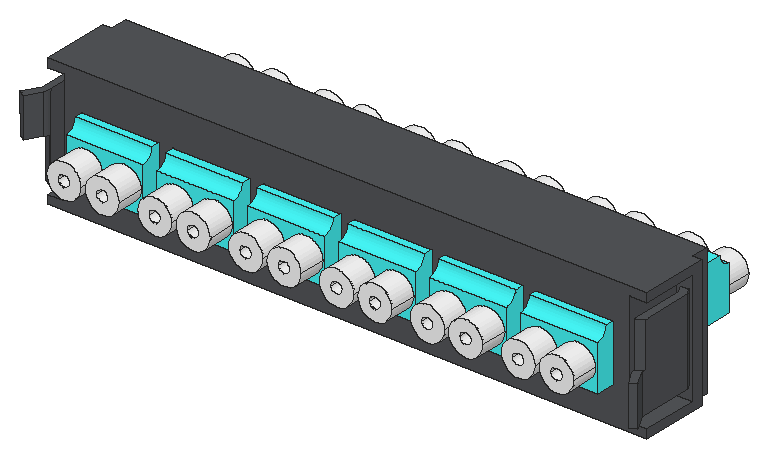
Revit family "LC Duplex 12 fibers", category Installations électriques, Revit 2020
Family settings
  Conserver l'orientation des annotations = Non
  Cote de connecteur circulaire = Utiliser le diamètre
  Type d'élément = Normal
  Basée sur le plan de construction = Non
  Toujours verticalement = Oui
  Couper avec des vides une fois chargée = Non
  Partagée = Non
  Point de calcul de pièce = Non
Parameters (values of type "LC Duplex block(AQUA)_POUR_12_FIBRES_MULTIMODE")
  Width of the connectors = 13.5 mm
  Width (mm) = 108.8 mm
  Type of connector interior = "LC_DUPLEX"
  Type of connector external = "LC_DUPLEX"
  Storage temperature = "-10°C à 60°C"
  RAL Number = "9017"
  Operating temperature = "-10°C à 60°C"
  Opening width = 6 mm
  Opening height = 6.5 mm
  Number of connectors = 12
  Legrand part number = "032137"
  IP = "IP20"
  IK = "IK04"
  Height of the connectors = 10 mm
  Height = 23 mm
  Function = "Patch panels with optical connector Legrand"
  Fiber optic type = "Multimode"
  Elévation par défaut = 0 mm
  ETIM class = "EC001130"
  EAN = "3414971400313"
  E-catalogue link = "https://www.legrand.fr/reference/032137/pro"
  Depth = 38.4 mm
  Colour of the connectors = IDS_CYAN
  Color = IDS_NOIR
  BIM wording = "LC Duplex block 12 fibers multimode"
Types (4, lengths in mm): name | Type of connector interior | Type of connector external | Legrand part number | Fiber optic type | EAN | E-catalogue link | Colour of the connectors | BIM wording
  LC Duplex block 12 fibers single mode | "LC_DUPLEX" | "LC_DUPLEX" | "032114" | "Single mode" | "3414970961730" | "https://www.legrand.fr/reference/032114/pro" | IDS_BLEU | "LC Duplex block 12 fibers single mode"
  LC APC Duplex block 12 fibers single mode | "LC-DUPLEX" | "LC-DUPLEX" | "032116" | "Single mode" | "3414970961778" | "https://www.legrand.fr/reference/032116/pro" | IDS_CYAN | "LC APC Duplex block 12 fibers single mode"
  LC Duplex block 12 fibers multimode | "LC_DUPLEX" | "LC_DUPLEX" | "032124" | "Multimode" | "3414970961877" | "https://www.legrand.fr/reference/032124/pro" | IDS_JAUNE | "LC Duplex block 12 fibers multimode"
  LC Duplex block(AQUA)_POUR_12_FIBRES_MULTIMODE | "LC_DUPLEX" | "LC_DUPLEX" | "032137" | "Multimode" | "3414971400313" | "https://www.legrand.fr/reference/032137/pro" | IDS_CYAN | "LC Duplex block 12 fibers multimode"
Reference planes
  plane 1 "Centre (avant/arrière)": y = 0
  plane 2: z = 0
  plane 3 "Centre (gauche/droite)": x = 0
  plane 4 "Clip bas": z = 4
  plane 5 "Clip haut": z = 19
  plane 6: x = 105.5
  plane 7: x = 52.75
  plane 8: through (0.797, -2.504, 1200) normal (-0.866, 0.5, 0)
  plane 9: z = 6.5
  plane 10: z = 16.5
  plane 11: z = 6.5
  plane 12: z = 16.5
  plane 13: x = 6
  plane 14: x = 19.5
  plane 15: z = 23
  plane 16: x = 22
  plane 17: x = 35.5
  plane 18: x = 38
  plane 19: x = 51.5
  plane 20: x = 54
  plane 21: x = 67.5
  plane 22: x = 70
  plane 23: x = 83.5
  plane 24: x = 86
  plane 25: x = 99.5
  plane 26: y = -3.5
  plane 27: y = 25.5
  plane 28: z = 10.5
  plane 29: x = 12.75
  plane 30: x = 9.375
  plane 31: x = 16.125
  plane 32: y = 11
  plane 33: z = 10.5
  plane 34: x = 28.75
  plane 35: x = 25.375
  plane 36: x = 32.125
  plane 37: z = 10.5
  plane 38: x = 44.75
  plane 39: x = 41.375
  plane 40: x = 48.125
  plane 41: z = 10.5
  plane 42: x = 60.75
  plane 43: x = 57.375
  plane 44: x = 64.125
  plane 45: z = 10.5
  plane 46: x = 76.75
  plane 47: x = 73.375
  plane 48: x = 80.125
  plane 49: z = 10.5
  plane 50: x = 92.75
  plane 51: x = 89.375
  plane 52: x = 96.125
  plane 53: z = 10.5
  plane 54: x = 12.75
  plane 55: x = 9.375
  plane 56: x = 16.125
  plane 57: z = 10.5
  plane 58: x = 28.75
  plane 59: x = 25.375
  plane 60: x = 32.125
  plane 61: z = 10.5
  plane 62: x = 44.75
  plane 63: x = 41.375
  plane 64: x = 48.125
  plane 65: z = 10.5
  plane 66: x = 60.75
  plane 67: x = 57.375
  plane 68: x = 64.125
  plane 69: z = 10.5
  plane 70: x = 76.75
  plane 71: x = 73.375
  plane 72: x = 80.125
  plane 73: z = 10.5
  plane 74: x = 92.75
  plane 75: x = 89.375
  plane 76: x = 96.125
Forms (mm)
  Extrusion 1, solid, material "IDS_NOIR"
    sketch origin (0, 0, 0) x (1, 0, 0) y (0, 1, 0)
      loop
        line (0, 0) -> (105.5, 0) -> (105.5, 12) -> (103.9, 12) -> (103.9, 15) -> (1.6, 15) -> (1.6, 12) -> (0, 12) -> (0, 0)
    from 0 to 23
  Extrusion 2, void
    sketch origin (0, 0, 0) x (-1, 0, 0) y (0, 0, 1)
      loop
        line (0, 21.5) -> (-3, 21.5) -> (-3, 1.5) -> (0, 1.5) -> (0, 21.5)
      loop
        line (-105.5, 21.5) -> (-105.5, 1.5) -> (-102.5, 1.5) -> (-102.5, 21.5) -> (-105.5, 21.5)
    from 0 to 10
  Extrusion 3, solid, material "IDS_NOIR"
    sketch origin (0, 25.162, 4) x (0, 1, 0) y (-1, 0, 0)
      loop
        line (-29.912, 0.5) -> (-27.374, -0.965)
        arc (-27.374, -0.965) -> (-26.771, -1.215) -> (-26.124, -1.3) r 2.5
        line (-26.124, -1.3) -> (-16.662, -1.3) -> (-15.162, -2.166) -> (-15.162, -0.665) -> (-16.313, 0) -> (-26.446, 0) -> (-29.262, 1.626) -> (-29.912, 0.5)
      loop
        line (-29.912, -106) -> (-29.262, -107.126) -> (-26.446, -105.5) -> (-16.313, -105.5) -> (-15.162, -104.835) -> (-15.162, -103.334) -> (-16.662, -104.2) -> (-26.124, -104.2)
        arc (-26.124, -104.2) -> (-26.771, -104.285) -> (-27.374, -104.535) r 2.5
        line (-27.374, -104.535) -> (-29.912, -106)
    from 0 to 15
  Extrusion 4, void
    sketch origin (0.797, -2.504, 1200) x (0.5, 0.866025, 0) y (0, 0, 1)
      loop
        line (-2.593, -1196) -> (1.407, -1196) -> (1.407, -1188) -> (-2.593, -1188) -> (-2.593, -1196)
    from 0 to -2.615
  Extrusion 5, void
    sketch origin (104.703, -2.504, 1200) x (-0.5, 0.866025, 0) y (0, 0, -1)
      loop
        line (-2.593, 1181) -> (1.407, 1181) -> (1.407, 1189) -> (-2.593, 1189) -> (-2.593, 1181)
    from 0 to -2.615
  Extrusion 6, void
    sketch origin (2.941, 0, 0) x (-1, 0, 0) y (0, 0, 1)
      loop
        line (-3.059, 16.5) -> (-16.559, 16.5) -> (-16.559, 6.5) -> (-3.059, 6.5) -> (-3.059, 16.5)
      loop
        line (-19.059, 6.5) -> (-19.059, 16.5) -> (-32.559, 16.5) -> (-32.559, 6.5) -> (-19.059, 6.5)
      loop
        line (-35.059, 16.5) -> (-48.559, 16.5) -> (-48.559, 6.5) -> (-35.059, 6.5) -> (-35.059, 16.5)
      loop
        line (-51.059, 6.5) -> (-51.059, 16.5) -> (-64.559, 16.5) -> (-64.559, 6.5) -> (-51.059, 6.5)
      loop
        line (-67.059, 6.5) -> (-67.059, 16.5) -> (-80.559, 16.5) -> (-80.559, 6.5) -> (-67.059, 6.5)
      loop
        line (-83.059, 6.5) -> (-83.059, 16.5) -> (-96.559, 16.5) -> (-96.559, 6.5) -> (-83.059, 6.5)
    from 0 to 15
  Extrusion 7, void
    sketch origin (0, 0, 0) x (-1, 0, 0) y (0, 0, 1)
      loop
        line (-6, 6.5) -> (-6, 16.5) -> (-19.5, 16.5) -> (-19.5, 6.5) -> (-6, 6.5)
      loop
        line (-22, 6.5) -> (-22, 16.5) -> (-35.5, 16.5) -> (-35.5, 6.5) -> (-22, 6.5)
      loop
        line (-38, 16.5) -> (-51.5, 16.5) -> (-51.5, 6.5) -> (-38, 6.5) -> (-38, 16.5)
      loop
        line (-54, 6.5) -> (-54, 16.5) -> (-67.5, 16.5) -> (-67.5, 6.5) -> (-54, 6.5)
      loop
        line (-70, 6.5) -> (-70, 16.5) -> (-83.5, 16.5) -> (-83.5, 6.5) -> (-70, 6.5)
      loop
        line (-86, 6.5) -> (-86, 16.5) -> (-99.5, 16.5) -> (-99.5, 6.5) -> (-86, 6.5)
    from 0 to 15
  Extrusion 8, solid, material "IDS_CYAN" <- "Colour of the connectors"
    sketch origin (3.167, -3.5, 1200) x (-1, 0, 0) y (0, 0, 1)
      loop
        line (-16.333, -1193.5) -> (-2.833, -1193.5) -> (-2.833, -1183.5) -> (-16.333, -1183.5) -> (-16.333, -1193.5)
      loop
        line (-18.833, -1193.5) -> (-18.833, -1183.5) -> (-32.333, -1183.5) -> (-32.333, -1193.5) -> (-18.833, -1193.5)
      loop
        line (-48.333, -1193.5) -> (-34.833, -1193.5) -> (-34.833, -1183.5) -> (-48.333, -1183.5) -> (-48.333, -1193.5)
      loop
        line (-50.833, -1193.5) -> (-50.833, -1183.5) -> (-64.333, -1183.5) -> (-64.333, -1193.5) -> (-50.833, -1193.5)
      loop
        line (-80.333, -1193.5) -> (-66.833, -1193.5) -> (-66.833, -1183.5) -> (-80.333, -1183.5) -> (-80.333, -1193.5)
      loop
        line (-82.833, -1193.5) -> (-82.833, -1183.5) -> (-96.333, -1183.5) -> (-96.333, -1193.5) -> (-82.833, -1193.5)
    from 0 to 29
  Extrusion 9, void
    sketch origin (6, -1524, 1.878) x (0, 0, 1) y (0, -1, 0)
      loop
        line (14.622, -1522.5) -> (14.622, -1520.5) -> (12.622, -1520.5)
        arc (12.622, -1520.5) -> (13.207, -1521.914) -> (14.622, -1522.5) r 2
      loop
        line (12.622, -1549.5) -> (14.622, -1549.5) -> (14.622, -1547.5)
        arc (14.622, -1547.5) -> (13.207, -1548.086) -> (12.622, -1549.5) r 2
    from 0 to 93.5
  Extrusion 10, solid, material "IDS_BLANC"
    sketch origin (3.167, -3.5, 1200) x (-1, 0, 0) y (0, 0, 1)
      loop
        circle (-6.208, -1189.5) r 3
      loop
        circle (-6.208, -1189.5) r 1
      loop
        circle (-12.958, -1189.5) r 3
      loop
        circle (-12.958, -1189.5) r 1
    from 0 to -4.7
  Extrusion 11, solid, material "IDS_BLANC"
    sketch origin (19.167, -3.5, 1200) x (-1, 0, 0) y (0, 0, 1)
      loop
        circle (-6.208, -1189.5) r 3
      loop
        circle (-6.208, -1189.5) r 1
      loop
        circle (-12.958, -1189.5) r 3
      loop
        circle (-12.958, -1189.5) r 1
    from 0 to -4.7
  Extrusion 12, solid, material "IDS_BLANC"
    sketch origin (35.167, -3.5, 1200) x (-1, 0, 0) y (0, 0, 1)
      loop
        circle (-6.208, -1189.5) r 3
      loop
        circle (-6.208, -1189.5) r 1
      loop
        circle (-12.958, -1189.5) r 3
      loop
        circle (-12.958, -1189.5) r 1
    from 0 to -4.7
  Extrusion 13, solid, material "IDS_BLANC"
    sketch origin (51.167, -3.5, 1200) x (-1, 0, 0) y (0, 0, 1)
      loop
        circle (-6.208, -1189.5) r 3
      loop
        circle (-6.208, -1189.5) r 1
      loop
        circle (-12.958, -1189.5) r 3
      loop
        circle (-12.958, -1189.5) r 1
    from 0 to -4.7
  Extrusion 14, solid, material "IDS_BLANC"
    sketch origin (67.167, -3.5, 1200) x (-1, 0, 0) y (0, 0, 1)
      loop
        circle (-6.208, -1189.5) r 3
      loop
        circle (-6.208, -1189.5) r 1
      loop
        circle (-12.958, -1189.5) r 3
      loop
        circle (-12.958, -1189.5) r 1
    from 0 to -4.7
  Extrusion 15, solid, material "IDS_BLANC"
    sketch origin (83.167, -3.5, 1200) x (-1, 0, 0) y (0, 0, 1)
      loop
        circle (-6.208, -1189.5) r 3
      loop
        circle (-6.208, -1189.5) r 1
      loop
        circle (-12.958, -1189.5) r 3
      loop
        circle (-12.958, -1189.5) r 1
    from 0 to -4.7
  Extrusion 16, solid, material "IDS_BLANC"
    sketch origin (3.167, 25.5, 1200) x (-1, 0, 0) y (0, 0, -1)
      loop
        circle (-6.208, 1189.5) r 3
      loop
        circle (-6.208, 1189.5) r 1
      loop
        circle (-12.958, 1189.5) r 3
      loop
        circle (-12.958, 1189.5) r 1
    from 0 to -4.7
  Extrusion 17, solid, material "IDS_BLANC"
    sketch origin (19.167, 25.5, 1200) x (-1, 0, 0) y (0, 0, -1)
      loop
        circle (-6.208, 1189.5) r 3
      loop
        circle (-6.208, 1189.5) r 1
      loop
        circle (-12.958, 1189.5) r 3
      loop
        circle (-12.958, 1189.5) r 1
    from 0 to -4.7
  Extrusion 18, solid, material "IDS_BLANC"
    sketch origin (35.167, 25.5, 1200) x (-1, 0, 0) y (0, 0, -1)
      loop
        circle (-6.208, 1189.5) r 3
      loop
        circle (-6.208, 1189.5) r 1
      loop
        circle (-12.958, 1189.5) r 3
      loop
        circle (-12.958, 1189.5) r 1
    from 0 to -4.7
  Extrusion 19, solid, material "IDS_BLANC"
    sketch origin (51.167, 25.5, 1200) x (-1, 0, 0) y (0, 0, -1)
      loop
        circle (-6.208, 1189.5) r 3
      loop
        circle (-6.208, 1189.5) r 1
      loop
        circle (-12.958, 1189.5) r 3
      loop
        circle (-12.958, 1189.5) r 1
    from 0 to -4.7
  Extrusion 20, solid, material "IDS_BLANC"
    sketch origin (67.167, 25.5, 1200) x (-1, 0, 0) y (0, 0, -1)
      loop
        circle (-6.208, 1189.5) r 3
      loop
        circle (-6.208, 1189.5) r 1
      loop
        circle (-12.958, 1189.5) r 3
      loop
        circle (-12.958, 1189.5) r 1
    from 0 to -4.7
  Extrusion 21, solid, material "IDS_BLANC"
    sketch origin (83.167, 25.5, 1200) x (-1, 0, 0) y (0, 0, -1)
      loop
        circle (-6.208, 1189.5) r 3
      loop
        circle (-6.208, 1189.5) r 1
      loop
        circle (-12.958, 1189.5) r 3
      loop
        circle (-12.958, 1189.5) r 1
    from 0 to -4.7
Cuts and joins
  Extrusion 2, Extrusion 6, Extrusion 7 cuts Extrusion 1
  Extrusion 4, Extrusion 5 cuts Extrusion 3
  Extrusion 9 cuts Extrusion 8
Dimensions and locks
  locked: plane 1 "Centre (avant/arrière)" to Extrusion 1 sketch curve at 15
  locked: Extrusion 1 sketch curve to Extrusion 1 sketch curve at 105.5
  locked: Extrusion 1 sketch curve to Extrusion 1 sketch curve at 1.6  (x2)
  locked: Extrusion 1 sketch curve to Extrusion 1 sketch curve at 12
  locked: Extrusion 2 sketch curve to level at 1.5
  locked: Extrusion 1 to Extrusion 2 sketch curve at 1.5
  locked: Extrusion 2 sketch curve to plane 3 "Centre (gauche/droite)" at 3
  locked: Extrusion 2 sketch curve to Extrusion 1 at 3
  plane 4 "Clip bas" to level = 4 mm
  cut or joined group of Extrusion 1, Extrusion 2, Extrusion 6, Extrusion 7 to plane 5 "Clip haut" = 4 mm
  locked: Extrusion 3 sketch curve to plane 3 "Centre (gauche/droite)" at 0.5
  locked: Extrusion 3 sketch curve to plane 1 "Centre (avant/arrière)" at 4.75
  locked: plane 3 "Centre (gauche/droite)" to Extrusion 3 sketch curve at 1.3
  plane 1 "Centre (avant/arrière)" to Extrusion 3 sketch curve = 8.5 mm
  equal spacing: plane 3 "Centre (gauche/droite)", plane 7, plane 6, locked at 52.75 each
  locked: Extrusion 3 to Extrusion 4 sketch curve at 4
  locked: Extrusion 3 to Extrusion 4 sketch curve at 8
  cut or joined group of Extrusion 3, Extrusion 4, Extrusion 5 to Extrusion 5 sketch curve = 8 mm
  Extrusion 5 sketch curve to cut or joined group of Extrusion 3, Extrusion 4, Extrusion 5 = 4 mm
  "Opening height": plane 9 to level
  "Height of the connectors": plane 10 to plane 9
  "Height of the connectors": plane 12 to plane 11
  "Opening width": plane 13 to plane 3 "Centre (gauche/droite)"
  "Width of the connectors": plane 13 to plane 14
  locked: plane 15 to level at 23
  "Opening height": plane 15 to plane 12
  "Width of the connectors": plane 16 to plane 17
  locked: plane 14 to plane 16 at 2.5
  locked: plane 17 to plane 18 at 2.5
  "Width of the connectors": plane 18 to plane 19
  "Opening width": plane 6 to plane 25
  "Width of the connectors": plane 24 to plane 25
  locked: plane 24 to plane 23 at 2.5
  "Width of the connectors": plane 23 to plane 22
  plane 21 to plane 22 = 2.5 mm
  "Width of the connectors": plane 21 to plane 20
  locked: plane 26 to cut or joined group of Extrusion 1, Extrusion 2, Extrusion 6, Extrusion 7 at 3.5
  locked: plane 27 to cut or joined group of Extrusion 1, Extrusion 2, Extrusion 6, Extrusion 7 at 10.5
  equal spacing: cut or joined group of Extrusion 8, Extrusion 9, plane 29, cut or joined group of Extrusion 8, Extrusion 9
  equal spacing: cut or joined group of Extrusion 8, Extrusion 9, plane 30, plane 29
  equal spacing: cut or joined group of Extrusion 8, Extrusion 9, plane 31, plane 29
  equal spacing: plane 27, plane 32, plane 26
  equal spacing: cut or joined group of Extrusion 8, Extrusion 9, plane 28, cut or joined group of Extrusion 8, Extrusion 9
  plane 35 to plane 34 = 3.375 mm
  plane 36 to plane 34 = 3.375 mm
  plane 39 to plane 38 = 3.375 mm
  plane 40 to plane 38 = 3.375 mm
  plane 43 to plane 42 = 3.375 mm
  plane 44 to plane 42 = 3.375 mm
  plane 47 to plane 46 = 3.375 mm
  plane 48 to plane 46 = 3.375 mm
  plane 51 to plane 50 = 3.375 mm
  plane 52 to plane 50 = 3.375 mm
  plane 55 to plane 54 = 3.375 mm
  plane 56 to plane 54 = 3.375 mm
  plane 59 to plane 58 = 3.375 mm
  plane 60 to plane 58 = 3.375 mm
  plane 63 to plane 62 = 3.375 mm
  plane 64 to plane 62 = 3.375 mm
  plane 67 to plane 66 = 3.375 mm
  plane 68 to plane 66 = 3.375 mm
  plane 71 to plane 70 = 3.375 mm
  plane 72 to plane 70 = 3.375 mm
  plane 75 to plane 74 = 3.375 mm
  plane 76 to plane 74 = 3.375 mm
  radius of Extrusion 9 sketch curve = 2 mm  (x2)
  locked: cut or joined group of Extrusion 1, Extrusion 2, Extrusion 6, Extrusion 7 to Extrusion 3 sketch curve (angle 60.00°)
  aligned and locked: level to plane 2
  aligned and locked: plane 5 "Clip haut" to Extrusion 3
  aligned and locked: Extrusion 3 to plane 4 "Clip bas"
  aligned and locked: plane 6 to cut or joined group of Extrusion 1, Extrusion 2, Extrusion 6, Extrusion 7
  aligned and locked: Extrusion 4 sketch curve to Extrusion 3
  aligned and locked: Extrusion 3 to Extrusion 4 sketch curve
  aligned and locked: plane 8 to Extrusion 3
  aligned and locked: Extrusion 5 sketch curve to cut or joined group of Extrusion 3, Extrusion 4, Extrusion 5
  aligned and locked: plane 15 to cut or joined group of Extrusion 1, Extrusion 2, Extrusion 6, Extrusion 7
  aligned and locked: Extrusion 6 to plane 9
  aligned and locked: plane 10 to Extrusion 6
  aligned and locked: plane 13 to Extrusion 6
  aligned and locked: Extrusion 6 to plane 14
  aligned and locked: plane 9 to Extrusion 6 sketch curve  (x4)
  aligned and locked: Extrusion 6 sketch curve to plane 16
  aligned and locked: Extrusion 6 sketch curve to plane 10  (x4)
  aligned and locked: plane 17 to Extrusion 6 sketch curve
  aligned and locked: plane 10 to Extrusion 6 sketch curve
  aligned and locked: plane 18 to Extrusion 6 sketch curve
  aligned and locked: Extrusion 6 sketch curve to plane 9
  aligned and locked: plane 19 to Extrusion 6 sketch curve
  aligned and locked: Extrusion 6 sketch curve to plane 20
  aligned and locked: Extrusion 6 sketch curve to plane 21
  aligned and locked: Extrusion 6 sketch curve to plane 22
  aligned and locked: Extrusion 6 sketch curve to plane 23
  aligned and locked: Extrusion 6 sketch curve to plane 24
  aligned and locked: Extrusion 6 sketch curve to plane 25
  aligned and locked: plane 11 to Extrusion 7 sketch curve  (x5)
  aligned and locked: Extrusion 7 sketch curve to plane 12  (x5)
  aligned and locked: plane 14 to Extrusion 7 sketch curve
  aligned and locked: Extrusion 7 sketch curve to plane 13
  aligned and locked: Extrusion 7 sketch curve to plane 16
  aligned and locked: plane 17 to Extrusion 7 sketch curve
  aligned and locked: plane 12 to Extrusion 7 sketch curve
  aligned and locked: plane 18 to Extrusion 7 sketch curve
  aligned and locked: Extrusion 7 sketch curve to plane 11
  aligned and locked: plane 19 to Extrusion 7 sketch curve
  aligned and locked: Extrusion 7 sketch curve to plane 20
  aligned and locked: Extrusion 7 sketch curve to plane 21
  aligned and locked: Extrusion 7 sketch curve to plane 22
  aligned and locked: Extrusion 7 sketch curve to plane 23
  aligned and locked: Extrusion 7 sketch curve to plane 24
  aligned and locked: Extrusion 7 sketch curve to plane 25
  aligned and locked: Extrusion 1 to Extrusion 7
  aligned and locked: Extrusion 1 to Extrusion 6
  aligned and locked: Extrusion 2 sketch curve to Extrusion 2 sketch curve  (x2)
  aligned and locked: Extrusion 8 sketch curve to cut or joined group of Extrusion 1, Extrusion 2, Extrusion 6, Extrusion 7  (x6)
  aligned and locked: cut or joined group of Extrusion 1, Extrusion 2, Extrusion 6, Extrusion 7 to Extrusion 8 sketch curve  (x6)
  aligned and locked: plane 27 to Extrusion 8
  aligned and locked: Extrusion 8 to Extrusion 9 sketch curve  (x2)
  aligned and locked: Extrusion 9 to cut or joined group of Extrusion 1, Extrusion 2, Extrusion 6, Extrusion 7
Automatic sketch dimensions
  plane 1 "Centre (avant/arrière)" to Extrusion 1 sketch curve = 0 mm
  Extrusion 1 sketch curve to plane 3 "Centre (gauche/droite)" = 0 mm
  plane 32 to Extrusion 1 sketch curve = 1 mm
  plane 6 to Extrusion 2 sketch curve = 0 mm
  Extrusion 2 sketch curve to plane 3 "Centre (gauche/droite)" = 0 mm
  Extrusion 3 sketch curve to plane 6 = 0 mm
  Extrusion 3 sketch curve to plane 3 "Centre (gauche/droite)" = 0 mm
  Extrusion 3 sketch curve to plane 26 = 1.25 mm
  Extrusion 3 sketch curve to plane 26 = 0.6 mm  (x2)
  plane 3 "Centre (gauche/droite)" to Extrusion 3 sketch curve = 0.965 mm
  plane 26 to Extrusion 3 sketch curve = 1.288 mm
  plane 1 "Centre (avant/arrière)" to Extrusion 3 sketch curve = 1.284 mm
  plane 1 "Centre (avant/arrière)" to Extrusion 3 sketch curve = 0.962 mm  (x2)
  Extrusion 3 sketch curve to plane 32 = 2.5 mm
  Extrusion 3 sketch curve to Extrusion 3 sketch curve = 0.348 mm  (x2)
  Extrusion 3 sketch curve to plane 32 = 1 mm  (x2)
  Extrusion 3 sketch curve to plane 6 = 0.5 mm
  Extrusion 3 sketch curve to plane 6 = 1.2 mm
  plane 6 to Extrusion 3 sketch curve = 0.665 mm
  Extrusion 3 sketch curve to Extrusion 3 sketch curve = 1.501 mm
  Extrusion 3 sketch curve to Extrusion 3 sketch curve = 0.866 mm
  plane 3 "Centre (gauche/droite)" to Extrusion 3 sketch curve = 0.665 mm
  Extrusion 5 sketch curve to Extrusion 5 sketch curve = 4 mm
  Extrusion 6 sketch curve to plane 10 = 0 mm
  plane 14 to Extrusion 6 sketch curve = 0 mm
  Extrusion 6 sketch curve to plane 9 = 0 mm
  plane 13 to Extrusion 6 sketch curve = 0 mm
  Extrusion 8 sketch curve to plane 9 = 0 mm  (x6)
  Extrusion 8 sketch curve to plane 10 = 0 mm  (x6)
  Extrusion 9 sketch curve to plane 10 = 0 mm  (x2)
  Extrusion 10 sketch curve to Extrusion 10 sketch curve = 0 mm  (x4)
  Extrusion 10 sketch curve to plane 28 = 0 mm  (x2)
  plane 31 to Extrusion 10 sketch curve = 0 mm
  Extrusion 10 sketch curve to plane 30 = 0 mm
  Extrusion 11 sketch curve to Extrusion 11 sketch curve = 0 mm  (x4)
  Extrusion 11 sketch curve to plane 33 = 0 mm  (x2)
  plane 36 to Extrusion 11 sketch curve = 0 mm
  Extrusion 11 sketch curve to plane 35 = 0 mm
  Extrusion 12 sketch curve to Extrusion 12 sketch curve = 0 mm  (x4)
  Extrusion 12 sketch curve to plane 37 = 0 mm  (x2)
  plane 40 to Extrusion 12 sketch curve = 0 mm
  Extrusion 12 sketch curve to plane 39 = 0 mm
  Extrusion 13 sketch curve to Extrusion 13 sketch curve = 0 mm  (x4)
  Extrusion 13 sketch curve to plane 41 = 0 mm  (x2)
  plane 44 to Extrusion 13 sketch curve = 0 mm
  Extrusion 13 sketch curve to plane 43 = 0 mm
  Extrusion 14 sketch curve to Extrusion 14 sketch curve = 0 mm  (x4)
  Extrusion 14 sketch curve to plane 45 = 0 mm  (x2)
  plane 48 to Extrusion 14 sketch curve = 0 mm
  Extrusion 14 sketch curve to plane 47 = 0 mm
  Extrusion 15 sketch curve to Extrusion 15 sketch curve = 0 mm  (x4)
  Extrusion 15 sketch curve to plane 49 = 0 mm  (x2)
  plane 52 to Extrusion 15 sketch curve = 0 mm
  Extrusion 15 sketch curve to plane 51 = 0 mm
  Extrusion 16 sketch curve to Extrusion 16 sketch curve = 0 mm  (x4)
  Extrusion 16 sketch curve to plane 53 = 0 mm  (x2)
  plane 56 to Extrusion 16 sketch curve = 0 mm
  Extrusion 16 sketch curve to plane 55 = 0 mm
  Extrusion 17 sketch curve to Extrusion 17 sketch curve = 0 mm  (x4)
  Extrusion 17 sketch curve to plane 57 = 0 mm  (x2)
  plane 60 to Extrusion 17 sketch curve = 0 mm
  Extrusion 17 sketch curve to plane 59 = 0 mm
  Extrusion 18 sketch curve to Extrusion 18 sketch curve = 0 mm  (x4)
  Extrusion 18 sketch curve to plane 61 = 0 mm  (x2)
  plane 64 to Extrusion 18 sketch curve = 0 mm
  Extrusion 18 sketch curve to plane 63 = 0 mm
  Extrusion 19 sketch curve to Extrusion 19 sketch curve = 0 mm  (x4)
  Extrusion 19 sketch curve to plane 65 = 0 mm  (x2)
  plane 68 to Extrusion 19 sketch curve = 0 mm
  Extrusion 19 sketch curve to plane 67 = 0 mm
  Extrusion 20 sketch curve to Extrusion 20 sketch curve = 0 mm  (x4)
  Extrusion 20 sketch curve to plane 69 = 0 mm  (x2)
  plane 72 to Extrusion 20 sketch curve = 0 mm
  Extrusion 20 sketch curve to plane 71 = 0 mm
  Extrusion 21 sketch curve to Extrusion 21 sketch curve = 0 mm  (x4)
  Extrusion 21 sketch curve to plane 73 = 0 mm  (x2)
  plane 76 to Extrusion 21 sketch curve = 0 mm
  Extrusion 21 sketch curve to plane 75 = 0 mm
  radius of Extrusion 10 sketch curve = 3 mm  (x2)
  radius of Extrusion 10 sketch curve = 1 mm  (x2)
  radius of Extrusion 11 sketch curve = 3 mm  (x2)
  radius of Extrusion 11 sketch curve = 1 mm  (x2)
  radius of Extrusion 12 sketch curve = 3 mm  (x2)
  radius of Extrusion 12 sketch curve = 1 mm  (x2)
  radius of Extrusion 13 sketch curve = 3 mm  (x2)
  radius of Extrusion 13 sketch curve = 1 mm  (x2)
  radius of Extrusion 14 sketch curve = 3 mm  (x2)
  radius of Extrusion 14 sketch curve = 1 mm  (x2)
  radius of Extrusion 15 sketch curve = 3 mm  (x2)
  radius of Extrusion 15 sketch curve = 1 mm  (x2)
  radius of Extrusion 16 sketch curve = 3 mm  (x2)
  radius of Extrusion 16 sketch curve = 1 mm  (x2)
  radius of Extrusion 17 sketch curve = 3 mm  (x2)
  radius of Extrusion 17 sketch curve = 1 mm  (x2)
  radius of Extrusion 18 sketch curve = 3 mm  (x2)
  radius of Extrusion 18 sketch curve = 1 mm  (x2)
  radius of Extrusion 19 sketch curve = 3 mm  (x2)
  radius of Extrusion 19 sketch curve = 1 mm  (x2)
  radius of Extrusion 20 sketch curve = 3 mm  (x2)
  radius of Extrusion 20 sketch curve = 1 mm  (x2)
  radius of Extrusion 21 sketch curve = 3 mm  (x2)
  radius of Extrusion 21 sketch curve = 1 mm  (x2)
